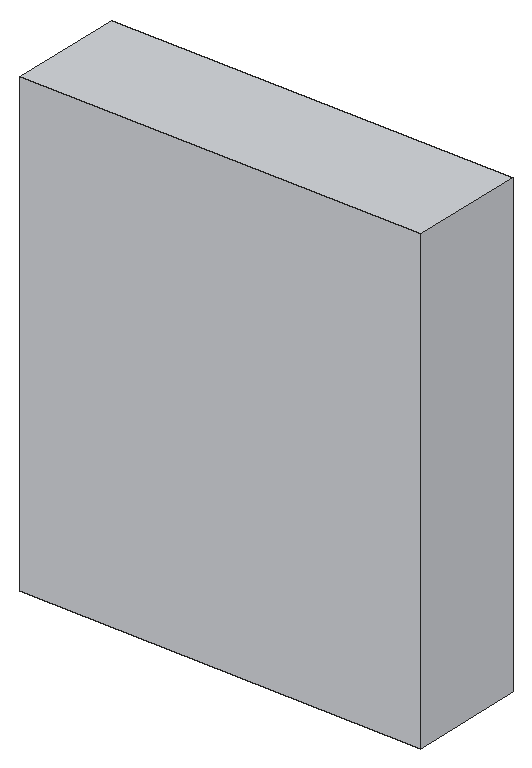
Revit family "8bf2633f3e28478689c76221e1976f6f", category Site, host Wall, Revit 2021
Family settings
  Host = Wall
  Round Connector Dimension = Use Diameter
  Part Type = Normal
  Seek Item ID = Cable Connection-0000-USA-ENU
  Always vertical = Yes
  Cut with Voids When Loaded = No
  Shared = No
Parameters (values of type "Standard")
  Width = 0' - 5 3/4"
  Length = 1' - 8"
  Install Height = 4' - 0"
  Height = 1' - 11"
Reference planes (in)
  plane 1: y = 0
  plane 2 "Center (Left/Right)": x = 0
  plane 3 "Wall Edge": y = 3
  plane 4: z = 48
  plane 5: z = 71
  plane 6: x = 10
  plane 7: x = -10
  plane 8: y = 8.75
Forms (in)
  Extrusion 1, solid
    sketch origin (0, 0, 0) x (0, 1, 0) y (0, 0, 1)
      loop
        line (8.75, 71) -> (3, 71) -> (3, 48) -> (8.75, 48) -> (8.75, 71)
    from -10 to 10
Text (in)
  text "Placement Side" at (0, 40.15149, 123.01588), in view "Right"
  text "Placement Side" at (-70.3804, 28.46503, 0), in view "Ref. Level"
  text "Placement Side" at (0, 81.62555, 140.59947), in view "Left"
Dimensions and locks (in)
  locked: plane 3 "Wall Edge" to host wall
  "Install Height": plane 4 to level
  "Height": plane 5 to plane 4
  equal spacing: plane 7, plane 2 "Center (Left/Right)", plane 6
  "Length": plane 7 to plane 6
  "Width": plane 8 to plane 3 "Wall Edge"
  aligned and locked: plane 8 to Extrusion 1 sketch curve
  aligned and locked: plane 5 to Extrusion 1 sketch curve
  aligned and locked: plane 4 to Extrusion 1 sketch curve
  aligned and locked: Extrusion 1 sketch curve to host wall
  aligned and locked: plane 7 to Extrusion 1
  aligned and locked: Extrusion 1 to plane 6
  aligned and locked: plane 5 to Extrusion 1
  aligned and locked: Extrusion 1 to plane 4
Connectors (in)
  electrical at (10, 5.875, 59.5)
    settings: on Extrusion 1, index 1, voltage 0 V, apparent load 0 VA, apparent load phase1 0 VA, apparent load phase2 0 VA, apparent load phase3 0 VA, power factor 1, load classification "Other", number of poles 1, system type 5, power factor state 1, is connector primary yes, connector utility yes, sub classification motor no, connector description "Cable"
  electrical at (-10, 5.875, 59.5)
    settings: on Extrusion 1, index 2, voltage 0 V, apparent load 0 VA, apparent load phase1 0 VA, apparent load phase2 0 VA, apparent load phase3 0 VA, power factor 1, load classification "Other", number of poles 1, system type 5, power factor state 1, is connector primary no, connector utility no, sub classification motor no, connector description "Cable"
